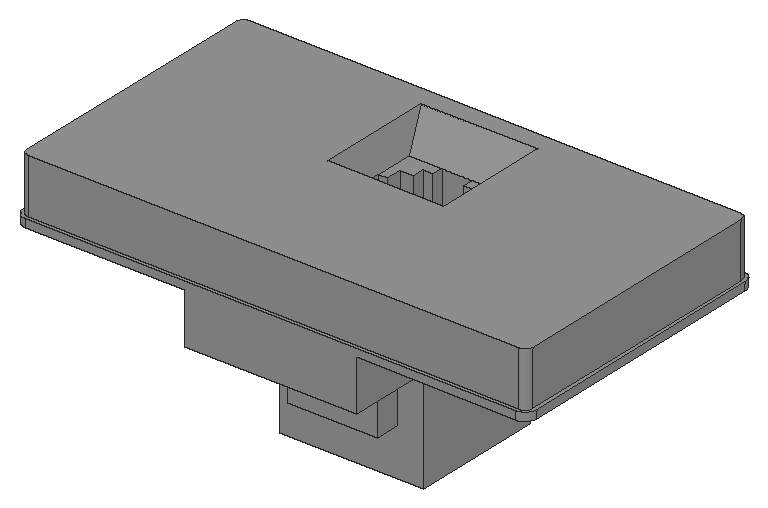
Revit family "TELEFONO", category Electrical Fixtures, Revit 2023
Family settings
  Round Connector Dimension = Use Diameter
  Part Type = Normal
  Work Plane-Based = Yes
  Always vertical = No
  Cut with Voids When Loaded = No
  Maintain Annotation Orientation = Yes
  Shared = Yes
  Room Calculation Point = No
Parameters
  X3 = 6 mm
  X2 = 1 mm
  X1 = 6.5 mm
  T9 = 3.5 mm
  T8 = 2 mm
  T7 = 2 mm
  T6 = 1.5 mm
  T5 = 6.5 mm
  T4 = 6 mm
  T3 = 12.5 mm
  T2 = 10 mm
  T12 = 2.5 mm
  T11 = 4 mm
  T10 = 15 mm
  T1 = 4 mm
  RADIO_2 = 1.5 mm
  RADIO_1 = 1 mm
  PROFUNDIDAD RANURA = 14 mm
  MATERIAL_2 [instance] = TERMOPOLIMERO NEGRO
  MATERIAL_1 [instance] = TERMOPOLIMERO BLANCO
  LONGITUD RECEPTACULO = 65 mm
  LARGO CONECTOR = 18.5 mm
  LARGO SOCKET = 22 mm
  LARGO BASE = 66 mm
  INCLUIR EN LISTADO = no
  ESPESOR CONECTOR = 15 mm
  ESPESOR BASE = 6.5 mm
  ESPESOR = 8 mm
  Default Elevation = 1219.2 mm
  ANCHO CONECTOR = 17 mm
  ANCHO BASE = 36.5 mm
  ANCHO RECEPTACULO = 35.5 mm
  A2 = 3 mm
  A1 = 11.5 mm
Reference planes
  plane 1 "Center (Front/Back)": y = 0
  plane 2: z = 0
  plane 3 "Center (Left/Right)": x = 0
  plane 4: x = -32.5
  plane 5: x = 32.5
  plane 6: y = -17.75
  plane 7: y = 17.75
  plane 8: x = -11
  plane 9: x = 11
  plane 10: y = 18.25
  plane 11: y = -18.25
  plane 12: y = 11.75
  plane 13: y = -5.25
  plane 14 "PLANO 1": z = -6.5
  plane 15: x = -9.25
  plane 16: x = 9.25
  plane 17 "PLANO 3": z = -21.5
  plane 18: x = -5.75
  plane 19: x = 5.75
  plane 20: y = -8.25
  plane 21: z = -15.5
  plane 22 "PLANO 4": z = 8
  plane 23: z = -6
  plane 24: z = 4
  plane 25: x = -33
  plane 26: x = 33
  plane 27: z = 1
Forms (mm)
  Extrusion 1, solid, material "TERMOPOLIMERO BLANCO" <- "MATERIAL_1"
    sketch origin (0, 0, 0) x (1, 0, 0) y (0, 1, 0)
      loop
        line (-11, 18.25) -> (-11, -18.25) -> (11, -18.25) -> (11, 18.25) -> (-11, 18.25)
    from 0 to -6.5
  Extrusion 2, solid, material "TERMOPOLIMERO BLANCO" <- "MATERIAL_1"
    sketch origin (0, 0, 0) x (1, 0, 0) y (0, 1, 0)
      loop
        arc (-31.5, 17.75) -> (-32.207, 17.457) -> (-32.5, 16.75) r 1
        line (-32.5, 16.75) -> (-32.5, -16.75)
        arc (-32.5, -16.75) -> (-32.207, -17.457) -> (-31.5, -17.75) r 1
        line (-31.5, -17.75) -> (31.5, -17.75)
        arc (31.5, -17.75) -> (32.207, -17.457) -> (32.5, -16.75) r 1
        line (32.5, -16.75) -> (32.5, 16.75)
        arc (32.5, 16.75) -> (32.207, 17.457) -> (31.5, 17.75) r 1
        line (31.5, 17.75) -> (-31.5, 17.75)
    from 1 to 8
  Extrusion 3, solid, material "TERMOPOLIMERO BLANCO" <- "MATERIAL_1"
    sketch origin (0, 0, -6.5) x (-1, 0, 0) y (0, -1, 0)
      loop
        line (9.25, -11.75) -> (9.25, 5.25) -> (-9.25, 5.25) -> (-9.25, -11.75) -> (9.25, -11.75)
    from 0 to -15
  Extrusion 4, solid, material "TERMOPOLIMERO NEGRO" <- "MATERIAL_2"
    sketch origin (23.294, 0, -21.5) x (-1, 0, 0) y (0, -1, 0)
      loop
        line (29.044, 5.25) -> (29.044, 8.25) -> (17.544, 8.25) -> (17.544, 5.25) -> (29.044, 5.25)
    from 15 to 6
  Extrusion 5, void
    sketch origin (0, 0, 8) x (-1, 0, 0) y (0, -1, 0)
      loop
        line (2, -11.75) -> (2, -10.25) -> (3.25, -10.25) -> (3.25, -8.75) -> (5, -8.75) -> (5, -6.75) -> (6.25, -6.75) -> (6.25, -3.25) -> (5, -3.25) -> (5, -1.25) -> (-5, -1.25) -> (-5, -3.25) -> (-6.25, -3.25) -> (-6.25, -6.75) -> (-5, -6.75) -> (-5, -8.75) -> (-3.25, -8.75) -> (-3.25, -10.25) -> (-2, -10.25) -> (-2, -11.75) -> (2, -11.75)
    from -14 to 0
  Extrusion 6, solid, material "TERMOPOLIMERO BLANCO" <- "MATERIAL_1"
    sketch origin (0, 0, 8) x (-1, 0, 0) y (0, -1, 0)
      loop
        arc (31.5, -18.25) -> (32.561, -17.811) -> (33, -16.75) r 1.5
        line (33, -16.75) -> (33, 16.75)
        arc (33, 16.75) -> (32.561, 17.811) -> (31.5, 18.25) r 1.5
        line (31.5, 18.25) -> (-31.5, 18.25)
        arc (-31.5, 18.25) -> (-32.561, 17.811) -> (-33, 16.75) r 1.5
        line (-33, 16.75) -> (-33, -16.75)
        arc (-33, -16.75) -> (-32.561, -17.811) -> (-31.5, -18.25) r 1.5
        line (-31.5, -18.25) -> (31.5, -18.25)
    from -8 to -7
  Blend 7, void
    base sketch origin (0, 0, 8) x (-1, 0, 0) y (0, -1, 0)
      loop
        line (6.25, -11.75) -> (6.25, -1.25) -> (-6.25, -1.25) -> (-6.25, -11.75) -> (6.25, -11.75)
    top sketch origin (0, 0, 8) x (-1, 0, 0) y (0, -1, 0)
      loop
        line (7.5, -15.25) -> (7.5, -0.25) -> (-7.5, -0.25) -> (-7.5, -15.25) -> (7.5, -15.25)
    from -4 to 0
Cuts and joins
  Extrusion 5 cuts Extrusion 1
  Extrusion 5, Blend 7 cuts Extrusion 2
  Extrusion 5 cuts Extrusion 6
  joined: Extrusion 1, Extrusion 2, Extrusion 6
Dimensions and locks
  equal spacing: plane 4, plane 3 "Center (Left/Right)", plane 5
  equal spacing: plane 7, plane 1 "Center (Front/Back)", plane 6
  "ANCHO RECEPTACULO": plane 7 to plane 6
  "LONGITUD RECEPTACULO": plane 4 to plane 5
  equal spacing: plane 10, plane 1 "Center (Front/Back)", plane 11
  equal spacing: plane 8, plane 3 "Center (Left/Right)", plane 9
  "LARGO SOCKET": plane 8 to plane 9
  "ANCHO BASE": plane 10 to plane 11
  "ESPESOR BASE": plane 2 to plane 14 "PLANO 1"
  equal spacing: plane 15, plane 3 "Center (Left/Right)", plane 16
  "ANCHO CONECTOR": plane 12 to plane 13
  "LARGO CONECTOR": plane 15 to plane 16
  "ESPESOR CONECTOR": plane 14 "PLANO 1" to plane 17 "PLANO 3"
  "ESPESOR": plane 22 "PLANO 4" to plane 2
  "PROFUNDIDAD RANURA": plane 22 "PLANO 4" to plane 23
  equal spacing: Extrusion 5 sketch curve, plane 3 "Center (Left/Right)", Extrusion 5 sketch curve  (x4)
  "T2": Extrusion 5 sketch curve to Extrusion 5 sketch curve
  "T1": Extrusion 5 sketch curve to Extrusion 5 sketch curve
  "T5": Extrusion 5 sketch curve to Extrusion 5 sketch curve
  "T3": Extrusion 5 sketch curve to Extrusion 5 sketch curve
  "T6": Extrusion 5 sketch curve to Extrusion 5 sketch curve  (x2)
  "T8": Extrusion 5 sketch curve to Extrusion 5 sketch curve
  "T7": Extrusion 5 sketch curve to Extrusion 5 sketch curve
  "T9": Extrusion 5 sketch curve to Extrusion 5 sketch curve
  "T11": plane 22 "PLANO 4" to plane 24
  "T4": plane 7 to Extrusion 5 sketch curve
  "X1": plane 10 to plane 12
  equal spacing: plane 25, plane 3 "Center (Left/Right)", plane 26
  "X2": plane 27 to plane 2
  equal spacing: plane 18, plane 3 "Center (Left/Right)", plane 19
  "A1": plane 18 to plane 19
  "A2": plane 13 to plane 20
  "X3": plane 21 to plane 17 "PLANO 3"
  "LARGO BASE": plane 25 to plane 26
  equal spacing: Blend 7 sketch curve, plane 3 "Center (Left/Right)", Blend 7 sketch curve  (x2)
  "T10": Blend 7 sketch curve to Blend 7 sketch curve  (x2)
  "T12": plane 7 to Blend 7 sketch curve
  "RADIO_1": radius of Extrusion 2 sketch curve  (x4)
  "RADIO_2": radius of Extrusion 6 sketch curve  (x4)
  aligned and locked: level to plane 2
  aligned and locked: Extrusion 1 sketch curve to plane 10
  aligned and locked: plane 8 to Extrusion 1 sketch curve
  aligned and locked: plane 11 to Extrusion 1 sketch curve
  aligned and locked: Extrusion 1 sketch curve to plane 9
  aligned and locked: plane 2 to Extrusion 1
  aligned and locked: Extrusion 2 sketch curve to plane 7
  aligned and locked: plane 6 to Extrusion 2 sketch curve
  aligned and locked: Extrusion 2 sketch curve to plane 5
  aligned and locked: Extrusion 1 to plane 14 "PLANO 1"
  aligned and locked: Extrusion 3 to plane 17 "PLANO 3"
  aligned and locked: plane 14 "PLANO 1" to Extrusion 3
  aligned and locked: plane 20 to Extrusion 4 sketch curve
  aligned and locked: Extrusion 4 sketch curve to plane 19
  aligned and locked: Extrusion 4 sketch curve to plane 18
  aligned and locked: Extrusion 4 to plane 21
  aligned and locked: plane 22 "PLANO 4" to Extrusion 2
  aligned and locked: Extrusion 5 sketch curve to Extrusion 5 sketch curve  (x6)
  aligned and locked: Extrusion 3 sketch curve to plane 12
  aligned and locked: plane 15 to Extrusion 3 sketch curve
  aligned and locked: plane 13 to Extrusion 3 sketch curve
  aligned and locked: Extrusion 3 sketch curve to plane 16
  aligned and locked: Extrusion 6 sketch curve to plane 10
  aligned and locked: plane 25 to Extrusion 6 sketch curve
  aligned and locked: Extrusion 6 sketch curve to plane 11
  aligned and locked: Extrusion 6 sketch curve to plane 26
  aligned and locked: Extrusion 6 to plane 2
  aligned and locked: Extrusion 6 to plane 27
  aligned and locked: plane 14 "PLANO 1" to Extrusion 4
  aligned and locked: Extrusion 4 sketch curve to plane 13
  aligned and locked: Blend 7 sketch curve to cut or joined group of Extrusion 1, Extrusion 2, Extrusion 5, Extrusion 6, Blend 7  (x3)
  aligned and locked: Blend 7 to plane 24
  aligned and locked: plane 22 "PLANO 4" to Blend 7
Automatic sketch dimensions
  Extrusion 2 sketch curve to plane 4 = 0 mm
Connectors
  electrical at (0, 0, 8)
    settings: on Extrusion 2, index 1, voltage 125 V, apparent load 0 VA, apparent load phase1 0 VA, apparent load phase2 0 VA, apparent load phase3 0 VA, power factor 1, load classification "Signaling", number of poles 1, system type 9, power factor state 1, is connector primary yes, connector utility no, sub classification motor no, connector description ""
